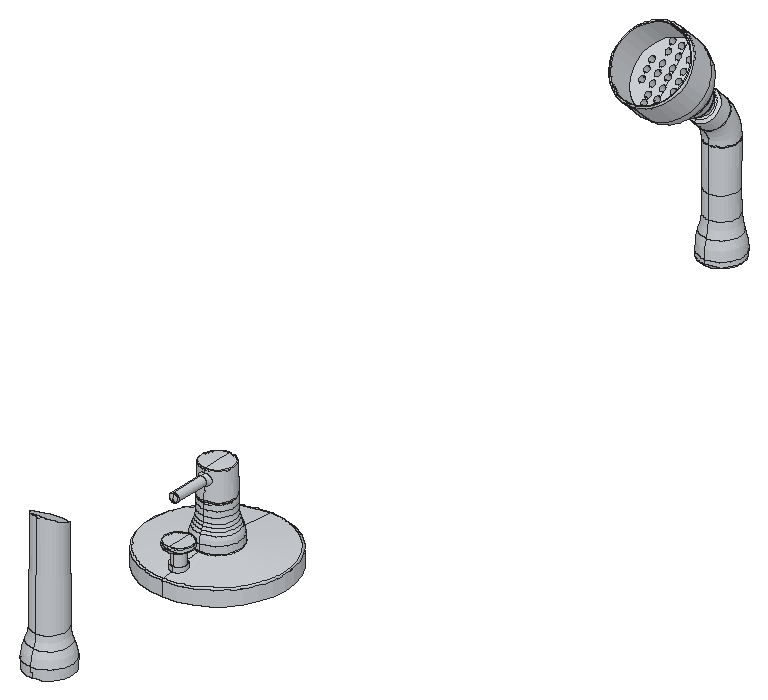
Revit family "Shower-Bath_and_Shower_Trim-KOHLER-Toobi-K-T8975", category Plumbing Fixtures, host Face, Revit 2015 (continued)
Definition of nested family "K-T8975-valve"
  Forms (in)
    Revolve 2, solid, material <- "Material", detail levels medium+fine
      sketch origin (0, 0, 0) x (0, 1, 0) y (0, 0, 1)
        loop
          arc (-2.56649, 4.1618) -> (-2.58146, 4.15707) -> (-2.591, 4.14461) r 0.02608
          arc (-2.591, 4.14461) -> (-2.61639, 4.0497) -> (-2.625, 3.95184) r 0.56649
        axis (-0.65199, 3.95184) -> (-2.625, 3.95184)
      angle from 0 to 360
    Revolve 3, solid, material <- "Material", detail levels medium+fine
      sketch origin (0, 0, 0) x (0, 1, 0) y (0, 0, 1)
        loop
          line (-2.30192, 1.999) -> (-2.93219, 1.999)
          arc (-2.93219, 1.999) -> (-2.94607, 1.99325) -> (-2.95182, 1.97937) r 0.01963
          line (-2.95182, 1.97937) -> (-2.95182, 1.83213)
          arc (-2.95182, 1.83213) -> (-2.94567, 1.81769) -> (-2.931, 1.81212) r 0.02002
          arc (-2.931, 1.81212) -> (-2.90893, 1.81278) -> (-2.88686, 1.813) r 1.10662
          arc (-2.88686, 1.813) -> (-2.80977, 1.80631) -> (-2.73498, 1.78643) r 0.44728
          arc (-2.73498, 1.78643) -> (-2.63771, 1.71165) -> (-2.60173, 1.59435) r 0.20178
          arc (-2.60173, 1.59435) -> (-2.60381, 1.32033) -> (-2.60388, 1.0463) r 37.16918
          arc (-2.60388, 1.0463) -> (-2.63983, 1.047) -> (-2.67578, 1.04784) r 8.74852
          line (-2.67578, 1.04784) -> (-2.67578, 0.65045) -> (-2.30192, 0.65045) -> (-2.30192, 1.999)
        axis (-2.30192, 1.999) -> (-2.30192, 0.65045)
      angle from 0 to 360
    Revolve 4, solid, material <- "Material", detail levels coarse
      sketch origin (0, 0, 0) x (0, 1, 0) y (0, 0, 1)
        loop
          arc (3.25, 0.69075) -> (3.23291, 0.73681) -> (3.18992, 0.76058) r 0.07063
          arc (3.18992, 0.76058) -> (2.19473, 0.88616) -> (1.19462, 0.9632) r 20.62214
          line (1.19462, 0.9632) -> (1.19462, 4.35229)
          arc (1.19462, 4.35229) -> (0.5984, 4.41091) -> (0, 4.43953) r 11.93319
          line (0, 4.43953) -> (0, 0) -> (3.25, 0) -> (3.25, 0.69075)
        axis (0, 0) -> (0, 4.43953)
      angle from 0 to 360
    Revolve 5, solid, material <- "Material", detail levels coarse
      sketch origin (0, 0, 0) x (0, 1, 0) y (0, 0, 1)
        loop
          line (-2.6216, 3.95184) -> (-0.65199, 3.95184) -> (-0.65199, 4.2243) -> (-2.56649, 4.2243)
          arc (-2.56649, 4.2243) -> (-2.58146, 4.21957) -> (-2.591, 4.20711) r 0.02608
          arc (-2.591, 4.20711) -> (-2.62097, 4.08123) -> (-2.6216, 3.95184) r 0.56649
        axis (-2.6216, 3.95184) -> (-0.65199, 3.95184)
      angle from 0 to 360
    Revolve 6, solid, material <- "Material", detail levels coarse
      sketch origin (0, 0, 0) x (0, 1, 0) y (0, 0, 1)
        loop
          line (-2.30192, 1.999) -> (-3.01031, 1.999)
          arc (-3.01031, 1.999) -> (-3.02419, 1.99325) -> (-3.02994, 1.97937) r 0.01963
          line (-3.02994, 1.97937) -> (-3.02994, 1.83213)
          arc (-3.02994, 1.83213) -> (-3.02379, 1.81769) -> (-3.00912, 1.81212) r 0.02002
          arc (-3.00912, 1.81212) -> (-2.98705, 1.81278) -> (-2.96498, 1.813) r 1.10662
          arc (-2.96498, 1.813) -> (-2.88789, 1.80631) -> (-2.81311, 1.78643) r 0.44728
          arc (-2.81311, 1.78643) -> (-2.71583, 1.71165) -> (-2.67985, 1.59435) r 0.20178
          arc (-2.67985, 1.59435) -> (-2.68194, 1.32033) -> (-2.682, 1.0463) r 37.16918
          arc (-2.682, 1.0463) -> (-2.71796, 1.047) -> (-2.75391, 1.04784) r 8.74852
          line (-2.75391, 1.04784) -> (-2.75391, 0.65045) -> (-2.30192, 0.65045) -> (-2.30192, 1.999)
        axis (-2.30192, 1.999) -> (-2.30192, 0.65045)
      angle from 0 to 360
  Cuts and joins
    joined: Revolve 1, Revolve 2, Revolve 3
    joined: Revolve 4, Revolve 5, Revolve 6
  Lines and regions (in)
    Masking region 1
      outline origin (0, 0, 0) x (0, 1, 0) y (0, 0, 1)
        loop
          arc (3.25, 0.69075) -> (3.23291, 0.73681) -> (3.18992, 0.76058) r 0.07063
          arc (3.18992, 0.76058) -> (2.14107, 0.89154) -> (1.08688, 0.96858) r 20.62214
          arc (1.08688, 0.96858) -> (1.06646, 0.97782) -> (1.0579, 0.99853) r 0.03042
          arc (1.0579, 0.99853) -> (1.05611, 1.16398) -> (1.05552, 1.32943) r 22.93149
          arc (1.05552, 1.32943) -> (1.03552, 1.52262) -> (0.97638, 1.70762) r 0.94328
          arc (0.97638, 1.70762) -> (0.94488, 1.78278) -> (0.91252, 1.85757) r 7.1457
          arc (0.91252, 1.85757) -> (0.8847, 1.92828) -> (0.8625, 2.00095) r 0.96947
          arc (0.8625, 2.00095) -> (0.84286, 2.07752) -> (0.82416, 2.15433) r 6.44701
          arc (0.82416, 2.15433) -> (0.80292, 2.2748) -> (0.79582, 2.39691) r 1.05142
          arc (0.79582, 2.39691) -> (0.79491, 2.53587) -> (0.79217, 2.6748) r 10.52548
          arc (0.79217, 2.6748) -> (0.78878, 2.8124) -> (0.78583, 2.95001) r 42.16321
          arc (0.78583, 2.95001) -> (0.77691, 2.9706) -> (0.75611, 2.97901) r 0.02958
          arc (0.75611, 2.97901) -> (0.73813, 2.97894) -> (0.72015, 2.97889) r 13.4823
          arc (0.72015, 2.97889) -> (0.69645, 2.98679) -> (0.6823, 3.00737) r 0.03929
          arc (0.6823, 3.00737) -> (0.72405, 3.00724) -> (0.7658, 3.00694) r 10.07672
          arc (0.7658, 3.00694) -> (0.77965, 3.01264) -> (0.78523, 3.02654) r 0.01926
          line (0.78523, 3.02654) -> (0.76175, 4.37197)
          arc (0.76175, 4.37197) -> (0.75612, 4.38594) -> (0.74261, 4.39258) r 0.02107
          arc (0.74261, 4.39258) -> (0.37166, 4.42083) -> (0, 4.4375) r 11.93319
          arc (0, 4.4375) -> (-0.37166, 4.42083) -> (-0.74261, 4.39258) r 11.93319
          arc (-0.74261, 4.39258) -> (-0.75612, 4.38594) -> (-0.76175, 4.37197) r 0.02107
          line (-0.76175, 4.37197) -> (-0.76442, 4.21891)
          arc (-0.76442, 4.21891) -> (-0.85752, 4.17637) -> (-0.95883, 4.1618) r 0.35942
          line (-0.95883, 4.1618) -> (-2.56649, 4.1618)
          arc (-2.56649, 4.1618) -> (-2.58146, 4.15707) -> (-2.591, 4.14461) r 0.02608
          arc (-2.591, 4.14461) -> (-2.61639, 4.0497) -> (-2.625, 3.95184) r 0.56649
          arc (-2.625, 3.95184) -> (-2.61639, 3.85397) -> (-2.591, 3.75906) r 0.56649
          arc (-2.591, 3.75906) -> (-2.58146, 3.7466) -> (-2.56649, 3.74187) r 0.02608
          line (-2.56649, 3.74187) -> (-0.95883, 3.74187)
          arc (-0.95883, 3.74187) -> (-0.86274, 3.72879) -> (-0.77364, 3.6905) r 0.35942
          line (-0.77364, 3.6905) -> (-0.78523, 3.02654)
          arc (-0.78523, 3.02654) -> (-0.77965, 3.01264) -> (-0.7658, 3.00694) r 0.01926
          arc (-0.7658, 3.00694) -> (-0.72405, 3.00724) -> (-0.6823, 3.00737) r 10.07672
          arc (-0.6823, 3.00737) -> (-0.69645, 2.98679) -> (-0.72015, 2.97889) r 0.03929
          arc (-0.72015, 2.97889) -> (-0.73813, 2.97894) -> (-0.75611, 2.97901) r 13.4823
          arc (-0.75611, 2.97901) -> (-0.77691, 2.9706) -> (-0.78583, 2.95001) r 0.02958
          arc (-0.78583, 2.95001) -> (-0.78878, 2.8124) -> (-0.79217, 2.6748) r 42.16321
          arc (-0.79217, 2.6748) -> (-0.79491, 2.53587) -> (-0.79582, 2.39691) r 10.52548
          arc (-0.79582, 2.39691) -> (-0.80292, 2.2748) -> (-0.82416, 2.15433) r 1.05142
          arc (-0.82416, 2.15433) -> (-0.84286, 2.07752) -> (-0.8625, 2.00095) r 6.44701
          arc (-0.8625, 2.00095) -> (-0.8847, 1.92828) -> (-0.91252, 1.85757) r 0.96947
          arc (-0.91252, 1.85757) -> (-0.94488, 1.78278) -> (-0.97638, 1.70762) r 7.1457
          arc (-0.97638, 1.70762) -> (-1.03552, 1.52262) -> (-1.05552, 1.32943) r 0.94328
          arc (-1.05552, 1.32943) -> (-1.05611, 1.16398) -> (-1.0579, 0.99853) r 22.93149
          arc (-1.0579, 0.99853) -> (-1.06646, 0.97782) -> (-1.08688, 0.96858) r 0.03042
          arc (-1.08688, 0.96858) -> (-1.50777, 0.94434) -> (-1.92806, 0.91149) r 20.62214
          line (-1.92806, 0.91149) -> (-1.92806, 1.04784)
          arc (-1.92806, 1.04784) -> (-1.96401, 1.047) -> (-1.99997, 1.0463) r 8.74852
          arc (-1.99997, 1.0463) -> (-2.00003, 1.32033) -> (-2.00212, 1.59435) r 37.16918
          arc (-2.00212, 1.59435) -> (-1.96614, 1.71165) -> (-1.86886, 1.78643) r 0.20178
          arc (-1.86886, 1.78643) -> (-1.79408, 1.80631) -> (-1.71699, 1.813) r 0.44728
          arc (-1.71699, 1.813) -> (-1.69492, 1.81278) -> (-1.67285, 1.81212) r 1.10662
          arc (-1.67285, 1.81212) -> (-1.65818, 1.81769) -> (-1.65203, 1.83213) r 0.02002
          line (-1.65203, 1.83213) -> (-1.65203, 1.97937)
          arc (-1.65203, 1.97937) -> (-1.65778, 1.99325) -> (-1.67166, 1.999) r 0.01963
          line (-1.67166, 1.999) -> (-2.30192, 1.999) -> (-2.93219, 1.999)
          arc (-2.93219, 1.999) -> (-2.94607, 1.99325) -> (-2.95182, 1.97937) r 0.01963
          line (-2.95182, 1.97937) -> (-2.95182, 1.83213)
          arc (-2.95182, 1.83213) -> (-2.94567, 1.81769) -> (-2.931, 1.81212) r 0.02002
          arc (-2.931, 1.81212) -> (-2.90893, 1.81278) -> (-2.88686, 1.813) r 1.10662
          arc (-2.88686, 1.813) -> (-2.80977, 1.80631) -> (-2.73498, 1.78643) r 0.44728
          arc (-2.73498, 1.78643) -> (-2.63771, 1.71165) -> (-2.60173, 1.59435) r 0.20178
          arc (-2.60173, 1.59435) -> (-2.60381, 1.32033) -> (-2.60388, 1.0463) r 37.16918
          arc (-2.60388, 1.0463) -> (-2.63983, 1.047) -> (-2.67578, 1.04784) r 8.74852
          line (-2.67578, 1.04784) -> (-2.67578, 0.8316)
          arc (-2.67578, 0.8316) -> (-2.93307, 0.79771) -> (-3.18992, 0.76058) r 20.62214
          arc (-3.18992, 0.76058) -> (-3.23291, 0.73681) -> (-3.25, 0.69075) r 0.07063
          line (-3.25, 0.69075) -> (-3.25, 0) -> (0, 0) -> (3.25, 0) -> (3.25, 0.69075)
    Masking region 2
      outline origin (0, 0, 0) x (1, 0, 0) y (0, 0, 1)
        loop
          arc (3.25, 0.69075) -> (3.23291, 0.73681) -> (3.18992, 0.76058) r 0.07063
          arc (3.18992, 0.76058) -> (2.14107, 0.89154) -> (1.08688, 0.96858) r 20.62214
          arc (1.08688, 0.96858) -> (1.06646, 0.97782) -> (1.0579, 0.99853) r 0.03042
          arc (1.0579, 0.99853) -> (1.05611, 1.16398) -> (1.05552, 1.32943) r 22.93149
          arc (1.05552, 1.32943) -> (1.03552, 1.52262) -> (0.97638, 1.70762) r 0.94328
          arc (0.97638, 1.70762) -> (0.94488, 1.78278) -> (0.91252, 1.85757) r 7.1457
          arc (0.91252, 1.85757) -> (0.8847, 1.92828) -> (0.8625, 2.00095) r 0.96947
          arc (0.8625, 2.00095) -> (0.84286, 2.07752) -> (0.82416, 2.15433) r 6.44701
          arc (0.82416, 2.15433) -> (0.80292, 2.2748) -> (0.79582, 2.39691) r 1.05142
          arc (0.79582, 2.39691) -> (0.79491, 2.53587) -> (0.79217, 2.6748) r 10.52548
          arc (0.79217, 2.6748) -> (0.78878, 2.8124) -> (0.78583, 2.95001) r 42.16321
          arc (0.78583, 2.95001) -> (0.77691, 2.9706) -> (0.75611, 2.97901) r 0.02958
          arc (0.75611, 2.97901) -> (0.73813, 2.97894) -> (0.72015, 2.97889) r 13.4823
          arc (0.72015, 2.97889) -> (0.69645, 2.98679) -> (0.6823, 3.00737) r 0.03929
          arc (0.6823, 3.00737) -> (0.72405, 3.00724) -> (0.7658, 3.00694) r 10.07672
          arc (0.7658, 3.00694) -> (0.77965, 3.01264) -> (0.78523, 3.02654) r 0.01926
          line (0.78523, 3.02654) -> (0.76175, 4.37197)
          arc (0.76175, 4.37197) -> (0.75612, 4.38594) -> (0.74261, 4.39258) r 0.02107
          arc (0.74261, 4.39258) -> (0.37166, 4.42083) -> (0, 4.4375) r 11.93319
          arc (0, 4.4375) -> (-0.37166, 4.42083) -> (-0.74261, 4.39258) r 11.93319
          arc (-0.74261, 4.39258) -> (-0.75612, 4.38594) -> (-0.76175, 4.37197) r 0.02107
          line (-0.76175, 4.37197) -> (-0.76497, 4.18738) -> (-0.78523, 3.02654)
          arc (-0.78523, 3.02654) -> (-0.77965, 3.01264) -> (-0.7658, 3.00694) r 0.01926
          arc (-0.7658, 3.00694) -> (-0.72405, 3.00724) -> (-0.6823, 3.00737) r 10.07672
          arc (-0.6823, 3.00737) -> (-0.69645, 2.98679) -> (-0.72015, 2.97889) r 0.03929
          arc (-0.72015, 2.97889) -> (-0.73813, 2.97894) -> (-0.75611, 2.97901) r 13.4823
          arc (-0.75611, 2.97901) -> (-0.77691, 2.9706) -> (-0.78583, 2.95001) r 0.02958
          arc (-0.78583, 2.95001) -> (-0.78878, 2.8124) -> (-0.79217, 2.6748) r 42.16321
          arc (-0.79217, 2.6748) -> (-0.79491, 2.53587) -> (-0.79582, 2.39691) r 10.52548
          arc (-0.79582, 2.39691) -> (-0.80292, 2.2748) -> (-0.82416, 2.15433) r 1.05142
          arc (-0.82416, 2.15433) -> (-0.84286, 2.07752) -> (-0.8625, 2.00095) r 6.44701
          arc (-0.8625, 2.00095) -> (-0.8847, 1.92828) -> (-0.91252, 1.85757) r 0.96947
          arc (-0.91252, 1.85757) -> (-0.94488, 1.78278) -> (-0.97638, 1.70762) r 7.1457
          arc (-0.97638, 1.70762) -> (-1.03552, 1.52262) -> (-1.05552, 1.32943) r 0.94328
          arc (-1.05552, 1.32943) -> (-1.05611, 1.16398) -> (-1.0579, 0.99853) r 22.93149
          arc (-1.0579, 0.99853) -> (-1.06646, 0.97782) -> (-1.08688, 0.96858) r 0.03042
          arc (-1.08688, 0.96858) -> (-1.68904, 0.93123) -> (-2.28984, 0.87628) r 20.62214
          arc (-2.28984, 0.87628) -> (-2.74051, 0.82338) -> (-3.18992, 0.76058) r 20.62214
          arc (-3.18992, 0.76058) -> (-3.23291, 0.73681) -> (-3.25, 0.69075) r 0.07063
          line (-3.25, 0.69075) -> (-3.25, 0) -> (0, 0) -> (3.25, 0) -> (3.25, 0.69075)
    Masking region 3
      outline origin (0, 0, 0) x (1, 0, 0) y (0, 1, 0)
        loop
          circle (0, 0) r 3.25
    symbolic lines, detail levels medium+fine
      curve 1: line (0, 1.08688, 0.96858) -> (0, -1.08688, 0.96858)
      curve 2: line (0, -1.92806, 0.91149) -> (0, -2.67578, 0.8316)
      curve 3: line (0, -1.99997, 1.0463) -> (0, -2.60388, 1.0463)
      curve 4: line (0, 3.25, 0.69075) -> (0, -3.25, 0.69075)
      curve 5: line (0, 0.6823, 3.00737) -> (0, -0.6823, 3.00737)
      curve 6: line (0, -0.72015, 2.97889) -> (0, 0.72015, 2.97889)
      curve 7: arc (0, -0.76442, 4.21891) -> (0, -0.72012, 3.95385) -> (0, -0.77364, 3.6905) r 0.73816
      curve 8: arc (0, -2.73498, 1.78643) -> (0, -2.30192, 1.79114) -> (0, -1.86886, 1.78643) r 19.89989
      curve 9: line (1.0579, 0, 0.99853) -> (-1.0579, 0, 0.99853)
      curve 10: line (3.25, 0, 0.69075) -> (-3.25, 0, 0.69075)
      curve 11: line (0.6823, 0, 3.00737) -> (-0.6823, 0, 3.00737)
      curve 12: line (-0.72015, 0, 2.97889) -> (0.72015, 0, 2.97889)
      curve 13: arc (-0.2067, -0.95425, 0) -> (0, 0.97638, 0) -> (0.2067, -0.95425, 0) r 0.97638
      curve 14: arc (0.27282, -0.75032, 0) -> (0.00004, 0.79838, 0) -> (-0.27289, -0.7503, 0) r 0.79838
      curve 15: arc (0.28668, -0.73086, 0) -> (0, 0.78507, 0) -> (-0.28668, -0.73086, 0) r 0.78507
      curve 16: arc (-0.2067, -1.68421, 0) -> (0, -2.95615, 0) -> (0.2067, -1.68421, 0) r 0.65276
      curve 17: line (0.2067, -2.56043, 0) -> (0.2067, -0.95425, 0)
      curve 18: arc (0.2067, -0.95425, 0) -> (0.2273, -0.83561, 0) -> (0.28668, -0.73086, 0) r 0.35198
      curve 19: line (-0.2067, -2.56043, 0) -> (-0.2067, -0.95425, 0)
      curve 20: arc (-0.2067, -0.95425, 0) -> (-0.2273, -0.83561, 0) -> (-0.28668, -0.73086, 0) r 0.35198
      curve 21: line (-0.2067, -2.56043, 0) -> (-0.2067, -0.95425, 0)
      curve 22: arc (0.2067, -2.56043, 0) -> (0, -2.67667, 0) -> (-0.2067, -2.56043, 0) r 0.24191
      curve 23: arc (0.2067, -1.03084, 0) -> (0, 1.05136, 0) -> (-0.2067, -1.03084, 0) r 1.05136
  Dimensions and locks (in)
    aligned and locked: plane 2 to level
Types (4): name | Type | Spout distance | Showerhead | Shower distance | Product Page URL | Product Documentation Link | Model | Less Showerhead | Length | Finish | Description
  With Showerhead-CP-Polished Chrome | 1 | 10" | yes | 30" | "http://www.us.kohler.com/us/catalog/productDetails.jsp?productNumber=T8975-4" | "https://www.us.kohler.com/webassets/kpna/catalog/pdf/en/K-T8975-4_spec.pdf" | "K-T8975-4-CP" | no | 10" | Kohler-Metal-CP-Polished_Chrome | "bath and shower trim set, valve not included"
  With Showerhead-BN-Vibrant Brushed Nickel | 2 | 13 1/4" | yes | 24" | "http://www.us.kohler.com/us/catalog/productDetails.jsp?productNumber=T8975-4" | "https://www.us.kohler.com/webassets/kpna/catalog/pdf/en/K-T8975-4_spec.pdf" | "K-T8975-4-BN" | no | 10" | Kohler-Metal-BN-Vibrant_Brushed_Nickel | "bath and shower trim set, valve not included"
  Without Showerhead-CP-Polished Chrome | 3 | 13 1/4" | no | 24" | "http://www.us.kohler.com/us/catalog/productDetails.jsp?productNumber=T8975-4L" | "https://www.us.kohler.com/webassets/kpna/catalog/pdf/en/K-T8975-4L_spec.pdf" | "K-T8975-4L-CP" | yes | 6 15/16" | Kohler-Metal-CP-Polished_Chrome | "Rite-Temp bath and shower trim set with push-button diverter, less showerhead"
  Without Showerhead-BN-Vibrant Brushed Nickel | 4 | 13 1/4" | no | 24" | "http://www.us.kohler.com/us/catalog/productDetails.jsp?productNumber=T8975-4L" | "https://www.us.kohler.com/webassets/kpna/catalog/pdf/en/K-T8975-4L_spec.pdf" | "K-T8975-4L-BN" | yes | 6 15/16" | Kohler-Metal-BN-Vibrant_Brushed_Nickel | "Rite-Temp bath and shower trim set with push-button diverter, less showerhead"
